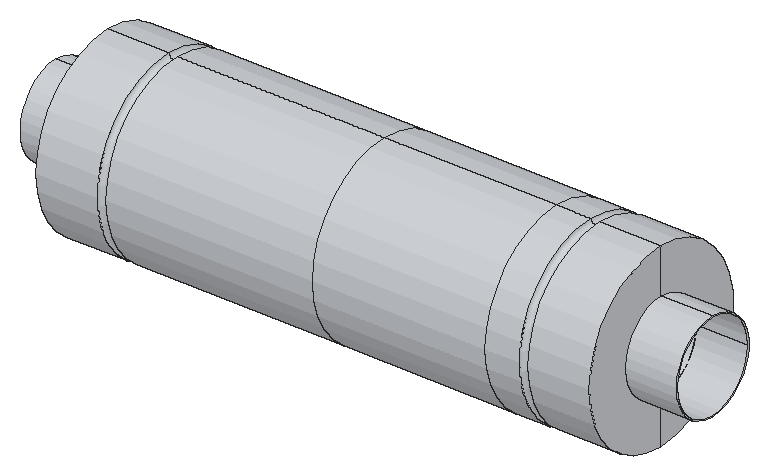
Revit family "5.Трубчатый шумоглушитель для круглых каналов SGK", category Оборудование, Revit 2016
Family settings
  Тип детали = Нормальный
  Размер круглого соединителя = Использовать диаметр
  На основе рабочей плоскости = Нет
  Всегда вертикально = Да
  При загрузке вырезать с полостями = Нет
  Общий = Нет
  Точка расчета площади = Нет
Parameters (values of type "100/6")
  отступ = 60 mm
  ножки(да/нет) [instance] = no
  Частотный преобразователь [instance] = no
  Тип, марка, обозначение = "SGK 100/6"
  Силовой кабель/количество = ""
  Сила тока J, А = ""
  Регулятор расхода [instance] = no
  Раздел = "ОВ"
  Примечание = ""
  Позиция = ""
  Напряжение U,В = ""
  Наименование и тех.хар-ка = "Трубчатый шумоглушитель для круглых каналов"  # constant formula
  Материал = Сталь серая
  Масса единицы = "4 кг"
  Д1 = Д * 0.98  # 98 mm
  Б = 200 mm
  А = 615 mm
  Код, оборудования = ""
  Ключевая пометка = "Вентиляция"
  Задание электрикам [instance] = no
  Задание автоматчикам [instance] = no
  Завод изготовитель = "KORF"  # constant formula
  Единица измерения = "шт."  # constant formula
  Д = 100 mm
  B = 730 mm
Types (12, lengths in mm): name | отступ | Тип, марка, обозначение | Масса единицы | Д1 | Б | А | Д | B
  100/6 | 60 | "SGK 100/6" | "4 кг" | 98 | 200 | 615 | 100 | 730
  125/6 | 60 | "SGK 125/6" | "4.8 кг" | 122.5 | 225 | 615 | 125 | 730
  160/6 | 60 | "SGK 160/6" | "5,8 кг" | 156.8 | 260 | 615 | 160 | 730
  200/6 | 60 | "SGK 200/6" | "6,4 кг" | 196 | 300 | 615 | 200 | 730
  250/6 | 60 | "SGK 250/6" | "7,8 кг" | 245 | 350 | 615 | 250 | 730
  315/6 | 60 | "SGK 315/6" | "10,4 кг" | 308.7 | 455 | 615 | 315 | 730
  100/9 | 60 | "SGK 100/9" | "5,4 кг" | 98 | 200 | 915 | 100 | 1030
  160/9 | 60 | "SGK 160/9" | "7,4 кг" | 156.8 | 260 | 915 | 160 | 1030
  200/9 | 60 | "SGK 200/9" | "9,2 кг" | 196 | 300 | 915 | 200 | 1030
  250/9 | 60 | "SGK 250/9" | "10,6 кг" | 245 | 350 | 915 | 250 | 1030
  315/9 | 30 | "SGK 315/9" | "14 кг" | 308.7 | 455 | 915 | 315 | 1030
  125/9 | 60 | "SGK 125/9" | "6,6 кг" | 122.5 | 225 | 915 | 125 | 1030
Reference planes
  plane 1 "По центру (Вперед/Назад)": y = 0
  plane 2: z = 0
  plane 3 "По центру (Влево/Вправо)": x = 0
  plane 4: x = -365
  plane 5: x = -307.5
  plane 6: x = 307.5
  plane 7: x = 365
  plane 8: z = 50
  plane 9: z = -50
  plane 10: z = 100
  plane 11: z = -100
  plane 12: y = 100
  plane 13: y = -100
Forms (mm)
  Extrusion 1, void, not visible
    sketch origin (-345, -245, 50) x (0, -1, 0) y (0, 0, -1)
      loop
        line (-477.965, -475) -> (-477.965, -450) -> (-528.913, -450) -> (-528.913, -475) -> (-477.965, -475)
    from -47.452 to 12
  Extrusion 2, solid, not visible
    sketch origin (5, 0, 2.041) x (0, 1, 0) y (0, 0, 1)
      loop
        line (45, 112.959) -> (-45, 112.959) -> (-45, 82.959) -> (45, 82.959) -> (45, 112.959)
    from 0 to -69.911
  Extrusion 3, solid, not visible
    sketch origin (5, -2.888, -8.59) x (0, 0.352122, 0.935954) y (0, -0.935954, 0.352122)
      loop
        line (45, 114.532) -> (-19.8, 114.532) -> (-19.8, 90.2) -> (45, 90.2) -> (45, 114.532)
    from 0 to -69.911
  Sweep 4, solid, not visible
    path origin (5, 0, -1.25) x (0, 1, 0) y (0, 0, 1)
      loop
        line (-45, 97.266) -> (-60.734, 97.266)
        arc (-60.734, 97.266) -> (-72.348, 93.548) -> (-79.645, 83.777) r 20
        line (-79.645, 83.777) -> (-105.929, 7.442)
    profile origin (5, -52.867, 96.016) x (0, 0, -1) y (1, 0, 0)
      loop
        circle (0, -63.75) r 3
  Extrusion 5, solid, not visible
    sketch origin (0, 0, 47.041) x (0, 1, 0) y (0, 0, 1)
      loop
        line (45, 112.959) -> (-45, 112.959) -> (-45, 82.959) -> (45, 82.959) -> (45, 112.959)
    from 0 to -93.323
  Extrusion 6, solid, not visible
    sketch origin (0, -40.257, 23.842) x (0, 0.679881, 0.733322) y (0, -0.733322, 0.679881)
      loop
        line (45, 114.532) -> (-19.8, 114.532) -> (-19.8, 90.2) -> (45, 90.2) -> (45, 114.532)
    from 0 to -93.323
  Sweep 7, solid, not visible
    path origin (0, 0, 43.75) x (0, 1, 0) y (0, 0, 1)
      loop
        line (-45, 97.266) -> (-54.952, 97.266)
        arc (-54.952, 97.266) -> (-71.221, 93.808) -> (-84.677, 84.031) r 40
        line (-84.677, 84.031) -> (-132.472, 30.95)
    profile origin (0, -49.976, 141.016) x (0, 0, -1) y (1, 0, 0)
      loop
        circle (0, -63.75) r 3
  Revolve 8, solid, detail levels fine
    sketch origin (0, 0, 0) x (1, 0, 0) y (0, 0, 1)
      loop
        line (-365, 50) -> (-365, 0) -> (0, 0) -> (365, 0) -> (365, 50) -> (307.5, 50) -> (307.5, 100) -> (239.661, 100)
        arc (239.661, 100) -> (234.661, 95) -> (229.661, 100) r 5
        line (229.661, 100) -> (192.128, 100) -> (0, 100) -> (-229.661, 100)
        arc (-229.661, 100) -> (-234.661, 95) -> (-239.661, 100) r 5
        line (-239.661, 100) -> (-307.5, 100) -> (-307.5, 50) -> (-365, 50)
      axis (365, 0) -> (-365, 0)
    angle from 0 to 360
  Extrusion 9, void
    sketch origin (0, 0, 0) x (0, 1, 0) y (0, 0, 1)
      loop
        circle (0, 0) r 49
    from -365 to 365
Cuts and joins
  Extrusion 9 cuts Revolve 8
Lines and regions (mm)
  model lines, detail levels coarse
    curve 1: line (-365, 100, 0) -> (365, 100, 0)
    curve 2: line (-365, -100, 0) -> (-365, 100, 0)
    curve 3: line (365, -100, 0) -> (-365, -100, 0)
    curve 4: line (365, 100, 0) -> (365, -100, 0)
    curve 5: line (0, -100, 0) -> (0, 35, 0)
    curve 6: line (-185, 100, 0) -> (-185, -30, 0)
    curve 7: line (185, 100, 0) -> (185, -30, 0)
  model lines, detail levels medium
    curve 8: line (-365, 0, 100) -> (365, 0, 100)
    curve 9: line (-365, 0, -100) -> (-365, 0, 100)
    curve 10: line (365, 0, -100) -> (-365, 0, -100)
    curve 11: line (365, 0, 100) -> (365, 0, -100)
    curve 12: line (0, 0, -100) -> (0, 0, 35)
    curve 13: line (-195, 0, 100) -> (-195, 0, -25)
    curve 14: line (195, 0, 100) -> (195, 0, -25)
Dimensions and locks
  locked: Extrusion 3 sketch curve to Extrusion 3 sketch curve at 24.332
  locked: Extrusion 3 sketch curve to Extrusion 3 sketch curve at 64.8
  locked: Extrusion 2 sketch curve to Extrusion 2 sketch curve at 30
  locked: Extrusion 6 sketch curve to Extrusion 6 sketch curve at 24.332
  locked: Extrusion 6 sketch curve to Extrusion 6 sketch curve at 64.8
  locked: Extrusion 5 sketch curve to Extrusion 5 sketch curve at 30
  equal spacing: plane 8, level, plane 9
  "Д": plane 8 to plane 9
  equal spacing: plane 6, plane 3 "По центру (Влево/Вправо)", plane 5
  "А": plane 6 to plane 5
  equal spacing: plane 7, plane 3 "По центру (Влево/Вправо)", plane 4
  "B": plane 7 to plane 4
  equal spacing: plane 10, level, plane 11
  "Б": plane 10 to plane 11
  equal spacing: plane 12, plane 1 "По центру (Вперед/Назад)", plane 13
  "Б": plane 12 to plane 13
  "Д1": diameter of Extrusion 9 sketch curve
  aligned and locked: level to plane 2
  aligned and locked: Revolve 8 sketch curve to plane 4
  aligned and locked: plane 8 to Revolve 8 sketch curve
  aligned and locked: plane 5 to Revolve 8 sketch curve
  aligned and locked: plane 10 to Revolve 8 sketch curve
  aligned and locked: Revolve 8 sketch curve to plane 10
  aligned and locked: plane 6 to Revolve 8 sketch curve
  aligned and locked: Revolve 8 sketch curve to plane 8
  aligned and locked: Revolve 8 sketch curve to plane 7
  aligned and locked: plane 7 to cut or joined group of Revolve 8, Extrusion 9
  aligned and locked: cut or joined group of Revolve 8, Extrusion 9 to plane 4
  aligned and locked: curve 1 to plane 12
  aligned and locked: plane 4 to curve 2
  aligned and locked: curve 3 to plane 13
  aligned and locked: curve 4 to plane 7
  aligned and locked: plane 10 to curve 8
  aligned and locked: plane 4 to curve 9
  aligned and locked: curve 10 to plane 11
  aligned and locked: curve 11 to plane 7
Automatic sketch dimensions
  Extrusion 5 sketch curve to Extrusion 5 sketch curve = 90 mm
  Sweep 7 sketch curve to Sweep 7 sketch curve = 29.726 mm
  Sweep 7 sketch curve to Sweep 7 sketch curve = 26.765 mm
  Sweep 7 sketch curve to Sweep 7 sketch curve = 47.795 mm
  Sweep 7 sketch curve to Sweep 7 sketch curve = 9.952 mm
  Sweep 7 sketch curve to Sweep 7 sketch curve = 53.081 mm
  Extrusion 2 sketch curve to Extrusion 2 sketch curve = 90 mm
  Sweep 4 sketch curve to Sweep 4 sketch curve = 18.91 mm
  Sweep 4 sketch curve to Sweep 4 sketch curve = 6.511 mm
  Sweep 4 sketch curve to Sweep 4 sketch curve = 26.284 mm
  Sweep 4 sketch curve to Sweep 4 sketch curve = 15.734 mm
  Sweep 4 sketch curve to Sweep 4 sketch curve = 76.336 mm
  curve 5 to plane 3 "По центру (Влево/Вправо)" = 0 mm
  plane 5 to curve 6 = 122.5 mm
  plane 1 "По центру (Вперед/Назад)" to curve 7 = 30 mm
  curve 7 to plane 6 = 122.5 mm
  plane 1 "По центру (Вперед/Назад)" to curve 6 = 30 mm
  curve 5 to plane 1 "По центру (Вперед/Назад)" = 35 mm
  Extrusion 9 sketch curve to level = 0 mm
  Extrusion 9 sketch curve to plane 1 "По центру (Вперед/Назад)" = 0 mm
  curve 12 to plane 3 "По центру (Влево/Вправо)" = 0 mm
  plane 5 to curve 13 = 112.5 mm
  curve 14 to level = 25 mm
  curve 14 to plane 6 = 112.5 mm
  curve 13 to level = 25 mm
  plane 8 to curve 12 = 15 mm
  Revolve 8 sketch curve to level = 0 mm  (x2)
  Revolve 8 sketch curve to plane 3 "По центру (Влево/Вправо)" = 0 mm  (x2)
  plane 5 to Revolve 8 sketch curve = 67.839 mm
  Revolve 8 sketch curve to Revolve 8 sketch curve = 5 mm  (x2)
  Revolve 8 sketch curve to Revolve 8 sketch curve = 115.372 mm
  Revolve 8 sketch curve to Revolve 8 sketch curve = 37.533 mm
  Revolve 8 sketch curve to plane 6 = 62.5 mm
  Revolve 8 sketch curve to Revolve 8 sketch curve = 100 mm
  radius of Sweep 7 sketch curve = 3 mm
  radius of Sweep 4 sketch curve = 3 mm
Nested families
  nested 1: "крепление 15мм" at (-330, 229.965, 495), type "крепление 15мм", not visible
Connectors
  hvac at (365, 0, 0), driven by "Д"
    settings: on Revolve 8, index 1, duct flow 0.0 L/s, flow factor 0, pres drop 0.0 Pa, loss coef 0, conn angle 0.00°, conn width 304.8 mm, conn height 304.8 mm, conn diameter 100 mm, duct sys type 28, conn prof type 0, flow config 0, flow direction 0, loss method 0, conn ref index 2, conn util no, is conn primary no, conn desc ""
  hvac at (-365, 0, 0), driven by "Д"
    settings: on Revolve 8, index 2, duct flow 0.0 L/s, flow factor 0, pres drop 0.0 Pa, loss coef 0, conn angle 0.00°, conn width 304.8 mm, conn height 304.8 mm, conn diameter 100 mm, duct sys type 28, conn prof type 0, flow config 0, flow direction 0, loss method 0, conn ref index 1, conn util no, is conn primary yes, conn desc ""
Definition of nested family "крепление 15мм"
  Parameters (values of type "крепление 15мм")
    Материал крепления = none
  Reference planes
    plane 1 "По центру (Вперед/Назад)": y = 0
    plane 2: z = 0
    plane 3 "По центру (Влево/Вправо)": x = 0
  Forms (mm)
    Extrusion 1, solid, material <- "Материал крепления"
      sketch origin (0, 0, 0) x (1, 0, 0) y (0, 1, 0)
        loop
          line (-25, 0) -> (0, 0) -> (0, 18.31) -> (0, 25) -> (-3, 25) -> (-3, 3) -> (-25, 3) -> (-25, 0)
      from 0 to 30
    Extrusion 2, void
      sketch origin (0, 0, 0) x (1, 0, 0) y (0, 1, 0)
        loop
          line (-3, 3) -> (-3, 54.96) -> (-58, 54.96) -> (-58, 3) -> (-3, 3)
      from 0 to 15
  Cuts and joins
    Extrusion 2 cuts Extrusion 1
  Dimensions and locks
    Extrusion 1 sketch curve to Extrusion 1 sketch curve = 3 mm  (x2)
    Extrusion 1 sketch curve to Extrusion 1 sketch curve to plane 3 "По центру (Влево/Вправо)" = 25 mm, 0 mm
    Extrusion 1 sketch curve to Extrusion 1 sketch curve = 25 mm
    aligned and locked: level to plane 2
